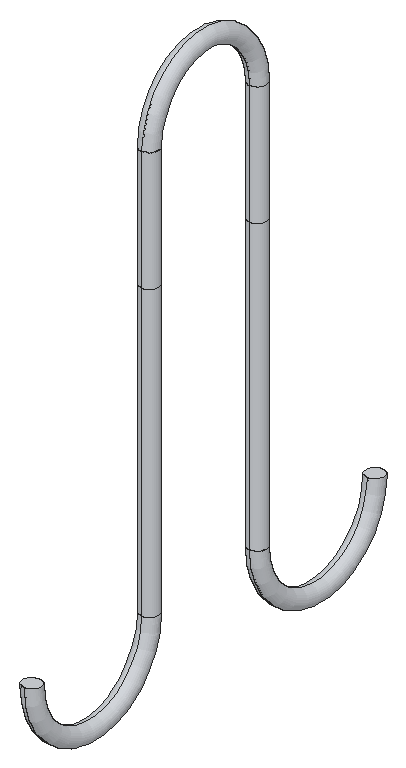
Revit family "Double Wall - Lifter", category Structural Connections, Revit 2021
Family settings
  Material for Model Behavior = Steel
  Work Plane-Based = Yes
  Enable cutting in views = Yes
  Always vertical = No
  Cut with Voids When Loaded = No
  Shared = No
Parameters (values of type "Type 1")
  TopRadius = 0' - 1 3/8"
  TopHeight = 0' - 2 1/2"
  Radius = 0' - 0 3/16"
  LowerRadius = 0' - 1 1/2"
  LowerHeight = 0' - 6"
  Default Elevation = 4' - 0"
Reference planes (in)
  plane 1 "Center (Front/Back)": y = 0
  plane 2: z = 0
  plane 3 "Center (Left/Right)": x = 0
Forms (in)
  Sweep 1, solid
    path origin (0, 0, 0) x (0, -1, 0) y (0, 0, 1)
      loop
        arc (-4.375, -6) -> (-2.875, -7.5) -> (-1.375, -6) r 1.5
        line (-1.375, -6) -> (-1.375, 0) -> (-1.375, 2.5)
        arc (-1.375, 2.5) -> (0, 3.875) -> (1.375, 2.5) r 1.375
        line (1.375, 2.5) -> (1.375, 0) -> (1.375, -6)
        arc (1.375, -6) -> (2.875, -7.5) -> (4.375, -6) r 1.5
    profile origin (0, 0, 3.875) x (0, 0, 1) y (-1, 0, 0)
      loop
        circle (0, 0) r 0.1875
Dimensions and locks (in)
  "TopHeight": level to Sweep 1 sketch curve
  "LowerHeight": Sweep 1 sketch curve to level
  "LowerRadius": radius of Sweep 1 sketch curve  (x2)
  "TopRadius": radius of Sweep 1 sketch curve
  "Radius": radius of Sweep 1 sketch curve
  aligned and locked: level to plane 2
Automatic sketch dimensions
  Sweep 1 sketch curve to level = 0' - 0"  (x2)
  Sweep 1 sketch curve to plane 1 "Center (Front/Back)" = 0' - 0"
  Sweep 1 sketch curve to Sweep 1 sketch curve = 0' - 0"
  Sweep 1 sketch curve to profile plane = 0' - 0"
  profile plane to Sweep 1 sketch curve = 0' - 0"
